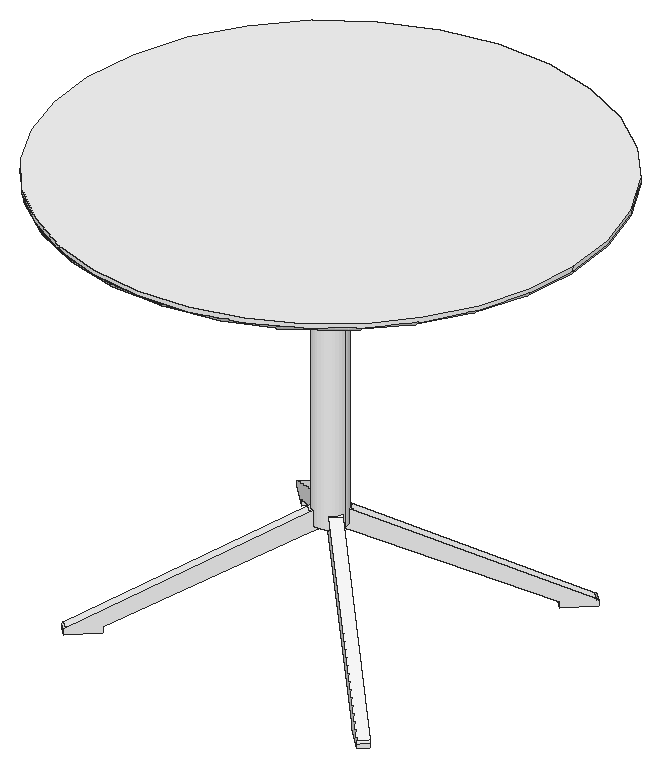
Revit family "NBS_Allermuir_OffcTbls_Axyl_BistroDiningTables", category Furniture, Revit 2017
Family settings
  Work Plane-Based = No
  Always vertical = Yes
  Cut with Voids When Loaded = No
  Shared = No
  Room Calculation Point = No
Parameters (values of type "AXLD09RD")
  WorktopType = NBS_Allermuir_OfficeTables_Axyl_Round : Round
  WorktopProfileMaterial = NBS_Concept
  WorktopMaterialTapedEdge = NBS_Concept
  WorktopMaterial = NBS_Concept
  WorktopMFMDF = yes
  WorktopLaminate = not(WorktopMFMDF)  # no
  WorktopHeight = 740 mm  # constant formula
  WorksurfaceArea = 0.00 m²
  Weight = "30 kg"
  WarrantyStartDate [instance] = "1900-12-31T23:59:59"
  WarrantyGuarantorParts = "sales@allermuir.com"
  WarrantyGuarantorLabor = "n/a"
  WarrantyDurationUnit = "year"
  WarrantyDurationParts = "5"
  WarrantyDurationLabor = "n/a"
  WarrantyDescription = "Allermuir warrant that its manufactured products are free from manufacturing defects - in materials or workmanship - for a period of five (5) years. , Allermuir will repair, or replace (at Allermuir's sole discretion) with comparable free of charge materials / components, any product / component which fails under normal use in a single shift environment, as a result of a defect in the materials and/ or workmanship"
  Version = "1"  # constant formula
  Uniclass2015Version = "Products v1.12"
  Uniclass2015Title = "Office tables"
  Uniclass2015Code = "Pr_40_50_21_60"
  TagNumber [instance] = "n/a"
  TableTopWidth = 900 mm
  TableBaseMaterial = NBS_Concept
  SustainabilityPerformance = "n/a"
  Style = "Dining table"
  Status = "New"
  Size = "900 x 900 x 740 mm"
  Shape = "Round"
  SerialNumber [instance] = "n/a"
  Revision = "n/a"
  ReplacementCost = "n/a"
  Reference = "n/a"
  ProductInformation = "http://www.allermuir.co.uk/ranges/axyl/tables.html"
  NumberOfChairs = 0
  NominalWidth = 0 mm
  NominalLength = 900 mm
  NominalHeight = 740 mm
  NominalDepth = 900 mm
  Name = "OfficeTables_AxylBistroDiningTables_AXLD09RD_Allermuir"
  NBSReference = "45-35-20/340"
  NBSDescription = "Office tables"
  NBSCertification = "www.nationalbimlibrary.com/cert/ljvjds3r"
  ModelReference = "Axyl Bistro Dining Tables"
  ModelNumber = "AXLD09RD"
  Material = "MFMDF, laminate faced MDF core, cast aluminium"
  ManufacturerURL = "http://www.allermuir.co.uk/"
  ManufacturerName = "Allermuir"  # constant formula
  Manufacturer = "sales@allermuir.com"  # constant formula
  MainColor = "n/a"
  IsBuiltIn = no
  InstallationDate [instance] = "1900-12-31T23:59:59"
  IfcExportType = "TABLE"  # constant formula
  IfcExportAs = "IfcFurnitureType"  # constant formula
  Grade = "n/a"
  Functions = "Café & bistro tables"
  FrameSupportMaterial = NBS_Concept
  Finish = "n/a"
  Features = "25mm MFMDF top with a clear edge profile,, 25mm laminate faced MDF core top with a clear edge profile,, cast aluminium base and aluminium centre column finished in black powder coat,, Plastic glides with levelling adjustment,, optional feature: table edge profile can be stained, optional feature: cast aluminium base and aluminium centre column available in basalt, white, sage, peacock blue, coral, stone or pebble powder coat"
  ExposedEdges = "25 mm MFMDF top with a clear edge profile, 25 mm laminate faced MDF core top with a clear edge profile, optional Feature: table edge profile can be stained"
  ExpectedLife = "10"
  DurationUnit = "year"
  Description = "Bistro dining table"
  Constituents = "n/a"
  Color = "n/a"
  CodePerformance = "n/a"
  Category = "Pr_40_50_21_60:Office tables"
  BarCode [instance] = "n/a"
  BIMObjectName = "NBS_Allermuir_OfficeTables_Axyl_BistroDiningTables_AXLD09RD"
  Author = "NBS"  # constant formula
  AssetType = "Movable"
  AssetIdentifier [instance] = "n/a"
  AccessibilityPerformance = "n/a"
Types (3, lengths in mm): name | WorktopType | Weight | TableTopWidth | Size | Shape | NominalLength | NominalDepth | Name | ModelNumber | BIMObjectName
  AXLD07SQ | NBS_Allermuir_OfficeTables_Axyl_SoftSquare : SoftSquare | "28 kg" | 750 | "750 x 750 x 740 mm" | "Square" | 750 | 750 | "OfficeTables_AxylBistroDiningTables_AXLD07SQ_Allermuir" | "AXLD07SQ" | "NBS_Allermuir_OfficeTables_Axyl_BistroDiningTables_AXLD07SQ"
  AXLD08RD | NBS_Allermuir_OfficeTables_Axyl_Round : Round | "28 kg" | 800 | "800 x 800 x 740 mm" | "Round" | 800 | 800 | "OfficeTables_AxylBistroDiningTables_AXLD08RD_Allermuir" | "AXLD08RD" | "NBS_Allermuir_OfficeTables_Axyl_BistroDiningTables_AXLD08RD"
  AXLD09RD | NBS_Allermuir_OfficeTables_Axyl_Round : Round | "30 kg" | 900 | "900 x 900 x 740 mm" | "Round" | 900 | 900 | "OfficeTables_AxylBistroDiningTables_AXLD09RD_Allermuir" | "AXLD09RD" | "NBS_Allermuir_OfficeTables_Axyl_BistroDiningTables_AXLD09RD"
Reference planes
  plane 1 "Center (Front/Back)": y = 0
  plane 2: z = 0
  plane 3 "Center (Left/Right)": x = 0
  plane 4 "WorktopBottom": z = 715
  plane 5 "WorktopTop": z = 740
  plane 6 "Worktop_Right": x = 450
  plane 7 "Worktop_Left": x = -450
  plane 8 "Back": y = 450
  plane 9 "Front": y = -450
Dimensions and locks
  "WorktopHeight": plane 5 "WorktopTop" to level
  locked: plane 5 "WorktopTop" to plane 4 "WorktopBottom" at 25
  equal spacing: plane 7 "Worktop_Left", plane 3 "Center (Left/Right)", plane 6 "Worktop_Right"
  "TableTopWidth": plane 7 "Worktop_Left" to plane 6 "Worktop_Right"
  equal spacing: plane 9 "Front", plane 1 "Center (Front/Back)", plane 8 "Back"
  "TableTopWidth": plane 9 "Front" to plane 8 "Back"
  aligned and locked: level to plane 2
  aligned and locked: plane 5 "WorktopTop" to nested 1
Nested families
  nested 1: "NBS_Allermuir_OfficeTables_Axyl_Round" at (0, 0, 0), TableTopHeight <- "WorktopHeight", type <- "WorktopType", type "Round"
    with TableTopRadius 450 mm, TableTopDiameter 900 mm
  nested 2: "NBS_Allermuir_OfficeTables_Axyl_BistroDiningTables_TableBase" at (0, 0, 0), WorktopHeight <- "WorktopHeight", type "Axyl_BistroDiningTableBase"
    with WorktopHeight 740 mm
Definition of nested family "NBS_Allermuir_OfficeTables_Axyl_Round"
  Parameters (values of type "Round")
    TableTopThickness = 25 mm
    TableTopMaterial = none
    TableTopRadius = TableTopDiameter / 2  # 375 mm
    TableTopHeight [instance] = 740 mm
    TableTopDiameter = 750 mm
  Reference planes
    plane 1 "Center (Front/Back)": y = 0
    plane 2: z = 0
    plane 3 "Center (Left/Right)": x = 0
    plane 4 "Bottom": z = 715
    plane 5 "Top": z = 740
    plane 6 "Worktop_Back": y = 375
    plane 7 "Worktop_Right": x = 375
    plane 8 "Worktop_Left": x = -375
    plane 9 "Worktop_Front": y = -375
  Forms (mm)
    Extrusion 1, solid, material <- "TableTopMaterial", detail levels medium+fine
      sketch origin (-1069.686, -1524, 715) x (-1, 0, 0) y (0, -1, 0)
        loop
          circle (-1069.686, -1524) r 375
      from 0 to 25
    Sweep 2, void
      path in 3D
        loop
          arc (375, 0, 740) -> (0, -375, 740) -> (-375, 0, 740) r 375
          arc (-375, 0, 740) -> (0, 375, 740) -> (375, 0, 740) r 375
      profile origin (0, 375, 740) x (0, 1, 0) y (0, 0, 1)
        loop
          line (0, -25) -> (0, -6.91)
          arc (0, -6.91) -> (-0.747, -9.538) -> (-2.764, -11.382) r 5
          line (-2.764, -11.382) -> (-30, -25) -> (0, -25)
    Extrusion 3, solid, material <- "TableTopMaterial", detail levels coarse
      sketch origin (-1069.686, -1524, 715) x (-1, 0, 0) y (0, -1, 0)
        loop
          circle (-1069.686, -1524) r 375
      from 0 to 25 <- "TableTopThickness"
  Cuts and joins
    Sweep 2 cuts Extrusion 1
  Lines and regions (mm)
    sketch lines
      curve 1: arc (-375, 0, 740) -> (0, 375, 740) -> (375, 0, 740) r 375
      curve 2: arc (375, 0, 740) -> (0, -375, 740) -> (-375, 0, 740) r 375
  Dimensions and locks
    "TableTopHeight": plane 5 "Top" to level
    "TableTopThickness": plane 5 "Top" to plane 4 "Bottom"
    equal spacing: plane 6 "Worktop_Back", plane 1 "Center (Front/Back)", plane 9 "Worktop_Front"
    "TableTopDiameter": plane 6 "Worktop_Back" to plane 9 "Worktop_Front"
    equal spacing: plane 8 "Worktop_Left", plane 3 "Center (Left/Right)", plane 7 "Worktop_Right"
    "TableTopDiameter": plane 8 "Worktop_Left" to plane 7 "Worktop_Right"
    "TableTopRadius": radius of Extrusion 1 sketch curve
    "TableTopRadius": radius of Extrusion 3 sketch curve
    aligned and locked: level to plane 2
  Automatic sketch dimensions
    Sweep 2 sketch curve to profile plane = 0 mm  (x2)
    Sweep 2 sketch curve to profile plane = 6.91 mm
    profile plane to Sweep 2 sketch curve = 2.764 mm
    profile plane to Sweep 2 sketch curve = 5 mm
    Sweep 2 sketch curve to Sweep 2 sketch curve = 27.236 mm
    Sweep 2 sketch curve to profile plane = 25 mm
    Sweep 2 sketch curve to Sweep 2 sketch curve = 13.618 mm
    plane 1 "Center (Front/Back)" to Extrusion 1 sketch curve = 0 mm
    Extrusion 1 sketch curve to plane 3 "Center (Left/Right)" = 0 mm
    plane 1 "Center (Front/Back)" to Extrusion 3 sketch curve = 0 mm
    Extrusion 3 sketch curve to plane 3 "Center (Left/Right)" = 0 mm
Definition of nested family "NBS_Allermuir_OfficeTables_Axyl_BistroDiningTables_TableBase"
  Parameters (values of type "Axyl_BistroDiningTableBase")
    WorktopThickness = 25 mm  # constant formula
    WorktopHeight [instance] = 750 mm
    TableBaseMaterial = none
    FrameSupportMaterial = none
  Reference planes
    plane 1 "Center (Front/Back)": y = 0
    plane 2: z = 0
    plane 3 "Center (Left/Right)": x = 0
    plane 4 "TableTopPlacement": z = 725
    plane 5 "Back": y = 284
    plane 6 "Front": y = -284
    plane 7 "Left": x = -284
    plane 8 "Right": x = 284
    plane 9: z = 705
    plane 10 "FeetTop": z = 10
    plane 11 "LegBaseTop": z = 185
    plane 12: through (-284, 284, 1200) normal (0.7071, 0.7071, 0)
    plane 13: through (284, 284, 1200) normal (0.7071, -0.7071, 0)
    plane 14: through (633.469, -1185.012, 239.531) normal (0.7071, 0.7071, 0)
    plane 15: through (673.774, -1144.707, 85) normal (0.7071, 0.7071, 0)
    plane 16: z = 160
    plane 17 "TableSupportBack": y = 175
    plane 18 "TableSupportFront": y = -175
    plane 19 "TableSupportLeft": x = -175
    plane 20 "TableSupportRight": x = 175
    plane 21: x = 110
    plane 22: z = 715
    plane 23: through (0, 0, 196.617) normal (-0.7071, -0.7071, 0)
    plane 24: through (1188.547, 637.004, 239.531) normal (-0.7071, 0.7071, 0)
    plane 25: through (1148.242, 677.309, 85) normal (-0.7071, 0.7071, 0)
    plane 26: through (3.536, 3.536, 196.617) normal (0.7071, -0.7071, 0)
    plane 27 "Top": z = 750
  Forms (mm)
    Extrusion 1, solid, material <- "TableBaseMaterial"
      sketch origin (0, 0, 0) x (1, 0, 0) y (0, 1, 0)
        loop
          circle (0, 0) r 28
      from 160 to 705
    Extrusion 2, solid, material <- "TableBaseMaterial"
      sketch origin (-168.391, 168.391, 0) x (0.707107, 0.707107, 0) y (0, 0, 1)
        loop
          arc (-387.162, 11.361) -> (-389.231, 9.516) -> (-390, 6.852) r 5
          line (-390, 6.852) -> (-390, 0) -> (-333, 0) -> (-333, 10) -> (-29.125, 149.038)
          arc (-29.125, 149.038) -> (0, 155.385) -> (29.125, 149.038) r 70
          line (29.125, 149.038) -> (333, 10) -> (333, 0) -> (390, 0) -> (390, 6.852)
          arc (390, 6.852) -> (389.231, 9.516) -> (387.162, 11.361) r 5
          line (387.162, 11.361) -> (31.15, 182.051)
          arc (31.15, 182.051) -> (24.83, 184.254) -> (18.18, 185) r 30
          line (18.18, 185) -> (-18.18, 185)
          arc (-18.18, 185) -> (-24.83, 184.254) -> (-31.15, 182.051) r 30
          line (-31.15, 182.051) -> (-387.162, 11.361)
      from 228.14 to 248.14
    Extrusion 3, solid, material <- "FrameSupportMaterial"
      sketch origin (0, 0, 0) x (1, 0, 0) y (0, 1, 0)
        loop
          line (81.6, 175) -> (-81.6, 175)
          arc (-81.6, 175) -> (-147.644, 147.644) -> (-175, 81.6) r 93.4
          line (-175, 81.6) -> (-175, -81.6)
          arc (-175, -81.6) -> (-147.644, -147.644) -> (-81.6, -175) r 93.4
          line (-81.6, -175) -> (81.6, -175)
          arc (81.6, -175) -> (147.644, -147.644) -> (175, -81.6) r 93.4
          line (175, -81.6) -> (175, 81.6)
          arc (175, 81.6) -> (147.644, 147.644) -> (81.6, 175) r 93.4
      from 715 to 725
    Blend 4, solid, material <- "FrameSupportMaterial"
      base sketch origin (0, 0, 0) x (1, 0, 0) y (0, 1, 0)
        loop
          circle (0, 0) r 110
      top sketch origin (0, 0, 0) x (1, 0, 0) y (0, 1, 0)
        loop
          circle (0, 0) r 75
      from 715 to 705
    Extrusion 5, solid, material <- "TableBaseMaterial"
      sketch origin (-164.855, -164.855, 0) x (-0.707107, 0.707107, 0) y (0, 0, 1)
        loop
          arc (-387.162, 11.361) -> (-389.231, 9.516) -> (-390, 6.852) r 5
          line (-390, 6.852) -> (-390, 0) -> (-333, 0) -> (-333, 10) -> (-29.125, 149.038)
          arc (-29.125, 149.038) -> (0, 155.385) -> (29.125, 149.038) r 70
          line (29.125, 149.038) -> (333, 10) -> (333, 0) -> (390, 0) -> (390, 6.852)
          arc (390, 6.852) -> (389.231, 9.516) -> (387.162, 11.361) r 5
          line (387.162, 11.361) -> (31.15, 182.051)
          arc (31.15, 182.051) -> (24.83, 184.254) -> (18.18, 185) r 30
          line (18.18, 185) -> (-18.18, 185)
          arc (-18.18, 185) -> (-24.83, 184.254) -> (-31.15, 182.051) r 30
          line (-31.15, 182.051) -> (-387.162, 11.361)
      from 228.14 to 248.14
  Cuts and joins
    joined: Extrusion 1, Extrusion 2
  Dimensions and locks
    plane 11 "LegBaseTop" to plane 2 = 185 mm
    equal spacing: plane 5 "Back", plane 1 "Center (Front/Back)", plane 6 "Front", locked at 284 each
    equal spacing: plane 7 "Left", plane 3 "Center (Left/Right)", plane 8 "Right", locked at 284 each
    locked: plane 10 "FeetTop" to level at 10
    locked: plane 15 to plane 14 at 57
    equal spacing: plane 19 "TableSupportLeft", plane 3 "Center (Left/Right)", plane 20 "TableSupportRight"
    equal spacing: plane 17 "TableSupportBack", plane 1 "Center (Front/Back)", plane 18 "TableSupportFront"
    locked: level to plane 11 "LegBaseTop" at 185
    locked: plane 25 to plane 24 at 57
    "WorktopThickness": plane 27 "Top" to plane 4 "TableTopPlacement"
    locked: plane 4 "TableTopPlacement" to plane 22 at 10
    locked: plane 22 to plane 9 at 10
    "WorktopHeight": plane 27 "Top" to level
    aligned and locked: level to plane 2
    aligned and locked: plane 9 to Extrusion 1
    aligned and locked: Extrusion 1 to plane 16
    aligned and locked: plane 17 "TableSupportBack" to Extrusion 3 sketch curve
    aligned and locked: Extrusion 3 sketch curve to plane 20 "TableSupportRight"
    aligned and locked: plane 18 "TableSupportFront" to Extrusion 3 sketch curve
    aligned and locked: Extrusion 3 sketch curve to plane 19 "TableSupportLeft"
    aligned and locked: plane 4 "TableTopPlacement" to Extrusion 3
    aligned and locked: Extrusion 3 to plane 22
    aligned and locked: Blend 4 to plane 9
    aligned and locked: Blend 4 to Extrusion 3
  Automatic sketch dimensions
    plane 1 "Center (Front/Back)" to Extrusion 1 sketch curve = 0 mm
    Extrusion 1 sketch curve to plane 3 "Center (Left/Right)" = 0 mm
    Extrusion 2 sketch curve to plane 14 = 0 mm
    Extrusion 2 sketch curve to level = 0 mm  (x2)
    Extrusion 2 sketch curve to plane 15 = 0 mm
    Extrusion 2 sketch curve to plane 11 "LegBaseTop" = 0 mm
    Extrusion 2 sketch curve to plane 12 = 0 mm
    Extrusion 2 sketch curve to plane 10 "FeetTop" = 0 mm  (x2)
    plane 10 "FeetTop" to Extrusion 2 sketch curve = 1.361 mm  (x2)
    plane 14 to Extrusion 2 sketch curve = 2.838 mm
    Extrusion 2 sketch curve to plane 10 "FeetTop" = 3.148 mm  (x2)
    Extrusion 2 sketch curve to plane 11 "LegBaseTop" = 2.949 mm  (x2)
    Extrusion 2 sketch curve to plane 12 = 31.15 mm
    Extrusion 2 sketch curve to plane 16 = 10.962 mm  (x2)
    Extrusion 2 sketch curve to plane 12 = 29.125 mm
    Extrusion 2 sketch curve to plane 16 = 5 mm
    plane 12 to Extrusion 2 sketch curve = 18.18 mm
    Extrusion 2 sketch curve to Extrusion 2 sketch curve = 12.97 mm
    plane 12 to Extrusion 2 sketch curve = 333 mm
    Extrusion 2 sketch curve to Extrusion 2 sketch curve = 52 mm
    Extrusion 2 sketch curve to Extrusion 2 sketch curve = 2.162 mm
    Extrusion 2 sketch curve to Extrusion 2 sketch curve = 63.653 mm
    Extrusion 3 sketch curve to plane 3 "Center (Left/Right)" = 81.6 mm  (x2)
    Extrusion 3 sketch curve to plane 1 "Center (Front/Back)" = 81.6 mm
    plane 1 "Center (Front/Back)" to Extrusion 3 sketch curve = 81.6 mm
    plane 1 "Center (Front/Back)" to Blend 4 sketch curve = 0 mm  (x2)
    Blend 4 sketch curve to plane 3 "Center (Left/Right)" = 0 mm  (x2)
    Extrusion 5 sketch curve to plane 24 = 0 mm
    level to Extrusion 5 sketch curve = 0 mm  (x2)
    Extrusion 5 sketch curve to plane 25 = 0 mm
    plane 11 "LegBaseTop" to Extrusion 5 sketch curve = 0 mm
    Extrusion 5 sketch curve to plane 13 = 0 mm
    plane 10 "FeetTop" to Extrusion 5 sketch curve = 0 mm  (x2)
    plane 10 "FeetTop" to Extrusion 5 sketch curve = 1.361 mm  (x2)
    plane 24 to Extrusion 5 sketch curve = 2.838 mm
    Extrusion 5 sketch curve to plane 10 "FeetTop" = 3.148 mm  (x2)
    Extrusion 5 sketch curve to plane 11 "LegBaseTop" = 2.949 mm  (x2)
    plane 13 to Extrusion 5 sketch curve = 31.15 mm
    Extrusion 5 sketch curve to plane 16 = 10.962 mm  (x2)
    plane 13 to Extrusion 5 sketch curve = 29.125 mm
    Extrusion 5 sketch curve to plane 16 = 5 mm
    Extrusion 5 sketch curve to plane 13 = 18.18 mm
    Extrusion 5 sketch curve to Extrusion 5 sketch curve = 12.97 mm
    Extrusion 5 sketch curve to plane 13 = 333 mm
    Extrusion 5 sketch curve to Extrusion 5 sketch curve = 52 mm
    Extrusion 5 sketch curve to Extrusion 5 sketch curve = 2.162 mm
    Extrusion 5 sketch curve to Extrusion 5 sketch curve = 63.653 mm
    radius of Extrusion 1 sketch curve = 28 mm
    radius of Blend 4 sketch curve = 110 mm
    radius of Blend 4 sketch curve = 75 mm
